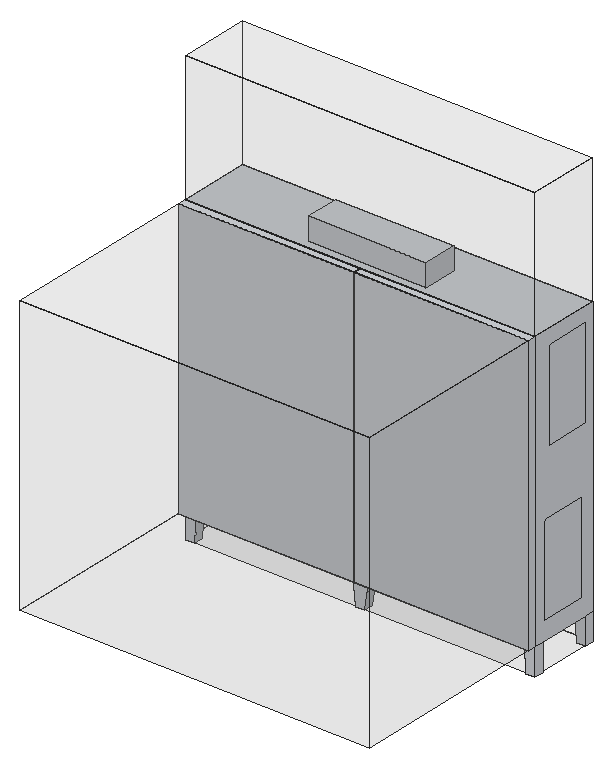
Revit family "AHU 3 _6", category Mechanické zařízení, Revit 2018
Family settings
  Kóta kulaté spojky = Použít průměr
  Typ dílu = Normální
  Číslo OmniClass = 23.75.00.00
  Nadpis OmniClass = Climate Control (HVAC)
  Založené na pracovní rovině = Ne
  Vždy vertikální = Ano
  Ořezat dutým tvarem při načtení = Ne
  Sdílené = Ne
  Bod výpočtu místnosti = Ne
Parameters (values of type "DUPLEXVENT Flexi (3G) DV1700 (RD5)")
  Width [instance] = 0.445 mm
  Weight [instance] = 259.00 kg
  URL = ""
  Type [instance] = "DUPLEXVENT Flexi (3G) DV1700 (RD5)"
  Total_SFP [instance] = 0
  Supply_outlet_hum [instance] = 24.9
  Supply_inlet_hum [instance] = 90
  Supply_ext_pressure [instance] = 200.0 Pa
  Supply_SFP [instance] = 0
  Source_adu_file [instance] = "C:\\\\Users\\\\dgavril\\\\OneDrive - Airflow Developments Ltd\\\\Desktop\\\\adu durley chine V4.adu"
  Recuperation_type [instance] = "Plate heat recovery exchanger"
  Recuperation_efficiency_EN308 [instance] = 82.9
  Project_name [instance] = "Durley Chine Passivhaus"
  Project_date [instance] = "13-08-2021"
  Power_supply_fusing [instance] = "0"
  Power_supply_cable [instance] = "0"
  Position [instance] = "AHU 3 "
  Phases_count [instance] = 1
  Panel_thickness [instance] = 0.06 mm
  Outer_surface [instance] = "RAL 9002"
  Length [instance] = 1.95 mm
  Insulation_type [instance] = "PUR"
  Insulation_thickness [instance] = 0.05 mm
  Installation_environment [instance] = ""
  Input_power_max [instance] = 1560 W
  Inner_surface [instance] = "Pozink"
  I2 [instance] = I1  # 0.0 L/s
  Height [instance] = 1.55 mm
  Exhaust_outlet_hum [instance] = 95.9
  Exhaust_inlet_hum [instance] = 40
  Exhaust_ext_pressure [instance] = 200.0 Pa
  Exhaust_SFP [instance] = 0
  E1 [instance] = E2 - M1  # 0.0 L/s
  E2 [instance] = 0.0 L/s
  I1 [instance] = 0.0 L/s
  Description = ""
  M1 [instance] = 0.0 L/s
  Device_dutypoint_version [instance] = "16"
  Device_design_version [instance] = "52"
  Device_adu_id [instance] = "6"
  Current_max [instance] = 7.8 A
  Casing_mat [instance] = "painted zinc layer"
  Cable type [instance] = "CYKY 5Jx2,5"
Reference planes
  plane 1 "Střed (vpředu/vzadu)": y = 0
  plane 2 "ref": z = 0
  plane 3 "Střed (vlevo/vpravo)": x = 0
Forms (mm)
  Sweep 1, solid
    path origin (0, 0, 0) x (0, 0, 1) y (1, 0, 0)
      loop
        line (0, 0) -> (1550, 0)
    profile origin (0, 0, 0) x (1, 0, 0) y (0, 1, 0)
      loop
        line (0, 0) -> (1950, 0) -> (1950, 400) -> (0, 400) -> (0, 0)
  Sweep 2, solid
    path origin (0, 0, 0) x (0, 0, 1) y (1, 0, 0)
      loop
        line (0, 0) -> (1550, 0)
    profile origin (0, 0, 0) x (1, 0, 0) y (0, 1, 0)
      loop
        line (0, 0) -> (0, -45) -> (1950, -45) -> (1950, 0) -> (0, 0)
  Sweep 3, solid
    path origin (1, 190, 355) x (0, 1, 0) y (-1, 0, 0)
      loop
        line (0, 0) -> (0, 1)
    profile origin (1, 190, 355) x (0, -1, 0) y (0, 0, 1)
      loop
        line (-125, -250) -> (125, -250) -> (125, 250) -> (-125, 250) -> (-125, -250)
  Sweep 4, solid
    path origin (1949, 223, 1215) x (1, 0, 0) y (0, 1, 0)
      loop
        line (0, 0) -> (1, 0)
    profile origin (1949, 223, 1215) x (0, 1, 0) y (0, 0, 1)
      loop
        line (-125, 250) -> (-125, -250) -> (125, -250) -> (125, 250) -> (-125, 250)
  Sweep 5, solid
    path origin (1949, 190, 355) x (1, 0, 0) y (0, 1, 0)
      loop
        line (0, 0) -> (1, 0)
    profile origin (1949, 190, 355) x (0, 1, 0) y (0, 0, 1)
      loop
        line (-125, 250) -> (-125, -250) -> (125, -250) -> (125, 250) -> (-125, 250)
  Sweep 6, solid
    path origin (1, 223, 1215) x (0, 1, 0) y (-1, 0, 0)
      loop
        line (0, 0) -> (0, 1)
    profile origin (1, 223, 1215) x (0, -1, 0) y (0, 0, 1)
      loop
        line (-125, -250) -> (125, -250) -> (125, 250) -> (-125, 250) -> (-125, -250)
  Sweep 7, solid
    path origin (750, 55, 0) x (0, -1, 0) y (0, 0, 1)
      loop
        line (0, 0) -> (0, -30)
    profile origin (750, 55, 0) x (-1, 0, 0) y (0, -1, 0)
      loop
        circle (0, 0) r 16
  Sweep 8, solid, material "Servisní prostor"
    path origin (0, 0, 0) x (0, 0, 1) y (1, 0, 0)
      loop
        line (0, 0) -> (1550, 0)
    profile origin (0, 0, 0) x (1, 0, 0) y (0, 1, 0)
      loop
        line (0, -1155) -> (1950, -1155) -> (1950, -45) -> (0, -45) -> (0, -1155)
  Sweep 9, solid, material "Servisní prostor"
    path origin (0, 0, 1550) x (0, 0, 1) y (1, 0, 0)
      loop
        line (0, 0) -> (720, 0)
    profile origin (0, 0, 1550) x (1, 0, 0) y (0, 1, 0)
      loop
        line (0, 0) -> (1950, 0) -> (1950, 400) -> (0, 400) -> (0, 0)
  Sweep 10, solid, material "Servisní prostor"
    path origin (0, 0, -150) x (0, 0, 1) y (1, 0, 0)
      loop
        line (0, 0) -> (150, 0)
    profile origin (0, 0, -150) x (1, 0, 0) y (0, 1, 0)
      loop
        line (0, 400) -> (0, 0) -> (1950, 0) -> (1950, 400) -> (0, 400)
  Sweep 11, solid
    path origin (0, 0, 0) x (0, 0, 1) y (1, 0, 0)
      loop
        line (0, 0) -> (1550, 0)
    profile origin (0, 0, 0) x (1, 0, 0) y (0, 1, 0)
      loop
        line (0, -45) -> (975, -45) -> (975, -5) -> (0, -5) -> (0, -45)
  Sweep 12, solid
    path origin (0, 0, 0) x (0, 0, 1) y (1, 0, 0)
      loop
        line (0, 0) -> (1550, 0)
    profile origin (0, 0, 0) x (1, 0, 0) y (0, 1, 0)
      loop
        line (975, -45) -> (1950, -45) -> (1950, -5) -> (975, -5) -> (975, -45)
  Sweep 13, solid
    path origin (25, 50, 0) x (1, 0, 0) y (0, 1, 0)
      loop
        line (0, 0) -> (0, -50)
    profile origin (25, 50, 0) x (1, 0, 0) y (0, 0, 1)
      loop
        line (-25, 0) -> (-25, -150) -> (25, -150) -> (35, 0) -> (-25, 0)
  Sweep 14, solid
    path origin (1925, 50, 0) x (1, 0, 0) y (0, 1, 0)
      loop
        line (0, 0) -> (0, -50)
    profile origin (1925, 50, 0) x (1, 0, 0) y (0, 0, 1)
      loop
        line (-35, 0) -> (-25, -150) -> (25, -150) -> (25, 0) -> (-35, 0)
  Sweep 15, solid
    path origin (25, 400, 0) x (1, 0, 0) y (0, 1, 0)
      loop
        line (0, 0) -> (0, -50)
    profile origin (25, 400, 0) x (1, 0, 0) y (0, 0, 1)
      loop
        line (-25, 0) -> (-25, -150) -> (25, -150) -> (35, 0) -> (-25, 0)
  Sweep 16, solid
    path origin (1925, 400, 0) x (1, 0, 0) y (0, 1, 0)
      loop
        line (0, 0) -> (0, -50)
    profile origin (1925, 400, 0) x (1, 0, 0) y (0, 0, 1)
      loop
        line (-35, 0) -> (-25, -150) -> (25, -150) -> (25, 0) -> (-35, 0)
  Sweep 17, solid
    path origin (975, 50, 0) x (1, 0, 0) y (0, 1, 0)
      loop
        line (0, 0) -> (0, -50)
    profile origin (975, 50, 0) x (1, 0, 0) y (0, 0, 1)
      loop
        line (-45, 0) -> (-25, -150) -> (25, -150) -> (45, 0) -> (-45, 0)
  Sweep 18, solid
    path origin (975, 400, 0) x (1, 0, 0) y (0, 1, 0)
      loop
        line (0, 0) -> (0, -50)
    profile origin (975, 400, 0) x (1, 0, 0) y (0, 0, 1)
      loop
        line (-45, 0) -> (-25, -150) -> (25, -150) -> (45, 0) -> (-45, 0)
  Sweep 19, solid
    path origin (0, 0, 1550) x (0, 0, 1) y (1, 0, 0)
      loop
        line (0, 0) -> (125, 0)
    profile origin (0, 0, 1550) x (1, 0, 0) y (0, 1, 0)
      loop
        line (650, 45) -> (1305, 45) -> (1305, 235) -> (650, 235) -> (650, 45)
  Sweep 20, solid
    path origin (650, 140, 1613) x (0, 0, -1) y (1, 0, 0)
      loop
        line (0, 0) -> (0, -1)
    profile origin (650, 140, 1613) x (0, 0, -1) y (0, -1, 0)
      loop
        circle (0, 0) r 10
Lines and regions (mm)
  model lines, style "Symbol"
    curve 1: line (950, -45, 0) -> (950, -45, 310)
    curve 2: line (950, -45, 1550) -> (950, -45, 1240)
    curve 3: line (0, -45, 775) -> (485, -45, 775)
    curve 4: line (1950, -45, 775) -> (1415, -45, 775)
    curve 5: line (485, -45, 775) -> (718, -45, 1240)
    curve 6: line (718, -45, 1240) -> (1183, -45, 1240)
    curve 7: line (1183, -45, 1240) -> (1415, -45, 775)
    curve 8: line (1415, -45, 775) -> (1183, -45, 310)
    curve 9: line (1183, -45, 310) -> (950, -45, 310)
    curve 10: line (950, -45, 310) -> (718, -45, 310)
    curve 11: line (718, -45, 310) -> (485, -45, 775)
    curve 12: line (1609, -45, 1273) -> (1857, -45, 1231)
    curve 13: line (1609, -45, 1052) -> (1857, -45, 1094)
    curve 14: line (341, -45, 1052) -> (93, -45, 1094)
    curve 15: line (341, -45, 1273) -> (93, -45, 1231)
    curve 16: line (175, -45, 155) -> (175, -45, 620)
    curve 17: line (175, -45, 620) -> (292, -45, 620)
    curve 18: line (292, -45, 620) -> (292, -45, 155)
    curve 19: line (292, -45, 155) -> (175, -45, 155)
    curve 20: line (234, -45, 155) -> (292, -45, 388)
    curve 21: line (234, -45, 620) -> (292, -45, 388)
    curve 22: line (1774, -45, 620) -> (1774, -45, 155)
    curve 23: line (1774, -45, 155) -> (1657, -45, 155)
    curve 24: line (1657, -45, 155) -> (1657, -45, 620)
    curve 25: line (1657, -45, 620) -> (1774, -45, 620)
    curve 26: line (1716, -45, 620) -> (1657, -45, 388)
    curve 27: line (1716, -45, 155) -> (1657, -45, 388)
    curve 28: line (634, -45, 271) -> (422, -45, 686)
    curve 29: line (422, -45, 686) -> (491, -45, 721)
    curve 30: line (491, -45, 721) -> (703, -45, 306)
    curve 31: line (703, -45, 306) -> (634, -45, 271)
    curve 32: line (507, -45, 537) -> (534, -45, 621)
    curve 33: line (591, -45, 371) -> (618, -45, 455)
    curve 34: line (0, -45, 0) -> (975, -45, 0)
    curve 35: line (0, -45, 1550) -> (975, -45, 1550)
    curve 36: line (0, -45, 0) -> (0, -45, 1550)
    curve 37: line (975, -45, 0) -> (975, -45, 1550)
    curve 38: line (0, -45, 0) -> (0, -5, 0)
    curve 39: line (975, -45, 0) -> (975, -5, 0)
    curve 40: line (0, -45, 1550) -> (0, -5, 1550)
    curve 41: line (975, -45, 1550) -> (975, -5, 1550)
    curve 42: line (975, -45, 0) -> (1950, -45, 0)
    curve 43: line (975, -45, 1550) -> (1950, -45, 1550)
    curve 44: line (975, -45, 0) -> (975, -45, 1550)
    curve 45: line (1950, -45, 0) -> (1950, -45, 1550)
    curve 46: line (975, -45, 0) -> (975, -5, 0)
    curve 47: line (1950, -45, 0) -> (1950, -5, 0)
    curve 48: line (975, -45, 1550) -> (975, -5, 1550)
    curve 49: line (1950, -45, 1550) -> (1950, -5, 1550)
    curve 50: circle (1718, -45, 1163) r 155 normal (0, -1, 0)
    curve 51: circle (233, -45, 1163) r 155 normal (0, -1, 0)
    curve 52: circle (520, -45, 579) r 12 normal (0, -1, 0)
    curve 53: circle (605, -45, 413) r 12 normal (0, -1, 0)
Dimensions and locks
  aligned and locked: level to plane 2 "ref"
Connectors
  hvac at (0, 190, 355), driven by "E1"
    settings: on Sweep 3, index 1, duct flow 0.0 L/s, flow factor 0, pres drop 0.0 Pa, loss coef 0, conn angle 0.00°, conn width 250 mm, conn height 500 mm, conn diameter 609.6 mm, duct sys type 1, conn prof type 1, flow config 1, flow direction 1, loss method 0, conn ref index -1, conn util no, is conn primary yes, conn desc ""
  hvac at (1950, 223, 1215), driven by "E2"
    settings: on Sweep 4, index 2, duct flow 0.0 L/s, flow factor 1, pres drop 0.0 Pa, loss coef 0, conn angle 0.00°, conn width 250 mm, conn height 500 mm, conn diameter 609.6 mm, duct sys type 1, conn prof type 1, flow config 2, flow direction 2, loss method 0, conn ref index -1, conn util no, is conn primary no, conn desc ""
  hvac at (1950, 190, 355), driven by "I1"
    settings: on Sweep 5, index 3, duct flow 0.0 L/s, flow factor 1, pres drop 0.0 Pa, loss coef 0, conn angle 0.00°, conn width 250 mm, conn height 500 mm, conn diameter 609.6 mm, duct sys type 3, conn prof type 1, flow config 2, flow direction 1, loss method 0, conn ref index -1, conn util no, is conn primary no, conn desc ""
  hvac at (0, 223, 1215), driven by "I2"
    settings: on Sweep 6, index 4, duct flow 0.0 L/s, flow factor 0, pres drop 0.0 Pa, loss coef 0, conn angle 0.00°, conn width 250 mm, conn height 500 mm, conn diameter 609.6 mm, duct sys type 3, conn prof type 1, flow config 1, flow direction 2, loss method 0, conn ref index -1, conn util no, is conn primary no, conn desc ""
  piping at (750, 55, -30), diameter 22
    settings: on Sweep 7, index 5, connector inside diameter 609.6 mm, connector length 0 mm, flow factor 0, pipe flow 0.0 L/s, pressure drop 0.0 Pa, fitting loss kfactor 0, connector angle 0.00°, fixture units 0, engagement length 0 mm, angle of deflection 0.00°, flow configuration 1, flow direction 2, fitting loss method 0, system type 16, joint type 0, gender type 0, connector reference index -1, connector utility 0, adjustable connector no, is connector primary yes, connector description ""
  electrical at (649, 140, 1613)
    settings: on Sweep 20, index 6, voltage 230 V, apparent load 0 VA, apparent load phase1 0 VA, apparent load phase2 0 VA, apparent load phase3 0 VA, power factor 1, load classification "Další", number of poles 1, system type 31, power factor state 1, is connector primary yes, connector utility no, sub classification motor no, connector description ""
